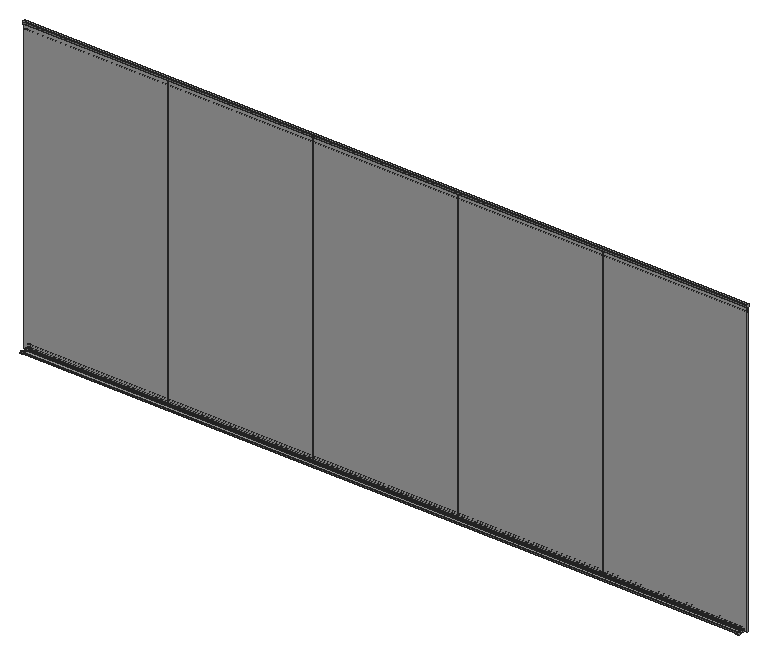
Revit family "Fluent Glass Wall 8x20", category Generic Models, Revit 2018
Family settings
  Can host rebar = No
  Round Connector Dimension = Use Diameter
  Part Type = Normal
  Work Plane-Based = No
  Always vertical = Yes
  Cut with Voids When Loaded = No
  Shared = No
  Room Calculation Point = No
Parameters
  Panel #5 = Fluent Glass Wall 8x20 Panel #5
  Panel #4 = Fluent Glass Wall 8x20 Panel #4
  Panel #3 = Fluent Glass Wall 8x20 Panel #3
  Panel #2 = Fluent Glass Wall 8x20 Panel #2
  Panel #1 = Fluent Glass Wall 8x20 Panel #1
Reference planes (in)
  plane 1 "Center (Front/Back)": y = 0
  plane 2: z = 0
  plane 3 "Center (Left/Right)": x = 0
Forms (in)
  Extrusion 1, solid, material "Fluent Glass Wall Trim Metal"
    sketch origin (-70.86614, 0, -11.96875) x (0, 1, 0) y (0, 0, 1)
      loop
        line (-0.28802, 12.71551) -> (-0.28802, 12.22363) -> (-0.48802, 12.22363) -> (-0.48802, 12.77363) -> (-0.60087, 12.77363)
        arc (-0.60087, 12.77363) -> (-0.62209, 12.76485) -> (-0.63087, 12.74363) r 0.03
        line (-0.63087, 12.74363) -> (-0.63087, 12.45418)
        arc (-0.63087, 12.45418) -> (-0.67788, 12.32564) -> (-0.79672, 12.25776) r 0.19924
        arc (-0.79672, 12.25776) -> (-0.86084, 12.24904) -> (-0.92548, 12.24613) r 0.7187
        line (-0.92548, 12.24613) -> (-1.97548, 12.24613)
        arc (-1.97548, 12.24613) -> (-2.26159, 12.30205) -> (-2.50559, 12.4616) r 0.75985
        arc (-2.50559, 12.4616) -> (-2.80704, 12.55283) -> (-2.79142, 12.23827) r 0.19261
        arc (-2.79142, 12.23827) -> (-2.48945, 12.06146) -> (-2.14496, 12) r 0.99607
        line (-2.14496, 12) -> (0, 12) -> (0, 12.30193)
        arc (0, 12.30193) -> (-0.0275, 12.32943) -> (-0.055, 12.30193) r 0.0275
        line (-0.055, 12.30193) -> (-0.055, 12.20843) -> (-0.20802, 12.20843) -> (-0.20802, 12.69439) -> (-0.0848, 12.81762)
        arc (-0.0848, 12.81762) -> (-0.06815, 12.82253) -> (-0.055, 12.81121) r 0.01814
        line (-0.055, 12.81121) -> (-0.055, 12.65693)
        arc (-0.055, 12.65693) -> (-0.0275, 12.62943) -> (0, 12.65693) r 0.0275
        line (0, 12.65693) -> (0, 13.70847)
        arc (0, 13.70847) -> (-0.03996, 13.74843) -> (-0.07993, 13.70847) r 0.03996
        line (-0.07993, 13.70847) -> (-0.07993, 13.62094)
        arc (-0.07993, 13.62094) -> (-0.07047, 13.60109) -> (-0.05, 13.59302) r 0.03
        line (-0.05, 13.59302) -> (-0.05, 13.15338)
        arc (-0.05, 13.15338) -> (-0.07121, 13.14459) -> (-0.08, 13.12338) r 0.03
        line (-0.08, 13.12338) -> (-0.08, 12.92353) -> (-0.28802, 12.71551)
    from -46.26181 to 187.99409
  Extrusion 2, solid, material "Fluent Glass Wall Trim Metal"
    sketch origin (-70.86614, 0, 12.64022) x (0, 1, 0) y (0, 0, 1)
      loop
        line (0, 83.35978) -> (-0.645, 83.35978)
        arc (-0.645, 83.35978) -> (-0.73852, 83.31739) -> (-0.76829, 83.21911) r 0.12436
        arc (-0.76829, 83.21911) -> (-0.57148, 82.66433) -> (-0.166, 82.23759) r 1.41542
        line (-0.166, 82.23759) -> (-0.166, 82.19574)
        arc (-0.166, 82.19574) -> (-0.16235, 82.17737) -> (-0.15194, 82.1618) r 0.048
        line (-0.15194, 82.1618) -> (-0.1, 82.10985) -> (-0.1, 81.00078)
        arc (-0.1, 81.00078) -> (-0.05, 80.95078) -> (0, 81.00078) r 0.05
        line (0, 81.00078) -> (0, 83.35978)
    from -47.24409 to 188.97638
  Extrusion 3, solid, material "Fluent Glass Wall 8x20 Panel #2" <- "Panel #2"
    sketch origin (-70.86614, 0, 0) x (0, 1, 0) y (0, 0, 1)
      loop
        line (-0.48802, 0.25488) -> (-0.28802, 0.25488) -> (-0.28802, 95.73) -> (-0.48802, 95.73) -> (-0.48802, 0.25488)
    from 0 to 47.24409
  Extrusion 4, solid, material "Fluent Glass Wall 8x20 Panel #1" <- "Panel #1"
    sketch origin (-70.86614, 0, 0) x (0, 1, 0) y (0, 0, -1)
      loop
        line (-0.48802, -0.25488) -> (-0.48802, -95.73) -> (-0.28802, -95.73) -> (-0.28802, -0.25488) -> (-0.48802, -0.25488)
    from 0 to 47.24409
  Extrusion 5, solid, material "Fluent Glass Wall Trim Black"
    sketch origin (-70.86614, 0, -11.96875) x (0, 1, 0) y (0, 0, -1)
      loop
        line (-0.48802, -12.80488) -> (-0.48802, -11.96875) -> (-2.14496, -11.96875)
        arc (-2.14496, -11.96875) -> (-2.49924, -12.03177) -> (-2.81005, -12.2131) r 1.02732
        arc (-2.81005, -12.2131) -> (-2.82851, -12.57569) -> (-2.47857, -12.47895) r 0.22386
        arc (-2.47857, -12.47895) -> (-2.24646, -12.32965) -> (-1.97548, -12.27738) r 0.7286
        line (-1.97548, -12.27738) -> (-0.92548, -12.27738)
        arc (-0.92548, -12.27738) -> (-0.86355, -12.28017) -> (-0.80213, -12.28853) r 0.68745
        arc (-0.80213, -12.28853) -> (-0.70181, -12.34573) -> (-0.66212, -12.45418) r 0.16799
        line (-0.66212, -12.45418) -> (-0.66212, -12.74363)
        arc (-0.66212, -12.74363) -> (-0.64418, -12.78694) -> (-0.60087, -12.80488) r 0.06125
        line (-0.60087, -12.80488) -> (-0.48802, -12.80488)
    from 45.75863 to 46.29027
  Extrusion 6, solid, material "Fluent Glass Wall 8x20 Panel #3" <- "Panel #3"
    sketch origin (-23.62205, 0, 0) x (0, 1, 0) y (0, 0, 1)
      loop
        line (-0.48802, 0.25488) -> (-0.28802, 0.25488) -> (-0.28802, 95.73) -> (-0.48802, 95.73) -> (-0.48802, 0.25488)
    from 0 to 47.24409
  Extrusion 7, solid, material "Fluent Glass Wall 8x20 Panel #4" <- "Panel #4"
    sketch origin (23.62205, 0, 0) x (0, 1, 0) y (0, 0, 1)
      loop
        line (-0.48802, 0.25488) -> (-0.28802, 0.25488) -> (-0.28802, 95.73) -> (-0.48802, 95.73) -> (-0.48802, 0.25488)
    from 0 to 47.24409
  Extrusion 8, solid, material "Fluent Glass Wall 8x20 Panel #5" <- "Panel #5"
    sketch origin (70.86614, 0, 0) x (0, 1, 0) y (0, 0, 1)
      loop
        line (-0.48802, 0.25488) -> (-0.28802, 0.25488) -> (-0.28802, 95.73) -> (-0.48802, 95.73) -> (-0.48802, 0.25488)
    from 0 to 47.24409
  Extrusion 9, solid, material "Fluent Glass Wall Trim Black"
    sketch origin (70.86614, 0, -11.96875) x (0, 1, 0) y (0, 0, 1)
      loop
        line (-0.48802, 12.80488) -> (-0.60087, 12.80488)
        arc (-0.60087, 12.80488) -> (-0.64418, 12.78694) -> (-0.66212, 12.74363) r 0.06125
        line (-0.66212, 12.74363) -> (-0.66212, 12.45418)
        arc (-0.66212, 12.45418) -> (-0.70181, 12.34573) -> (-0.80213, 12.28853) r 0.16799
        arc (-0.80213, 12.28853) -> (-0.86355, 12.28017) -> (-0.92548, 12.27738) r 0.68745
        line (-0.92548, 12.27738) -> (-1.97548, 12.27738)
        arc (-1.97548, 12.27738) -> (-2.24646, 12.32965) -> (-2.47857, 12.47895) r 0.7286
        arc (-2.47857, 12.47895) -> (-2.82851, 12.57569) -> (-2.81005, 12.2131) r 0.22386
        arc (-2.81005, 12.2131) -> (-2.49924, 12.03177) -> (-2.14496, 11.96875) r 1.02732
        line (-2.14496, 11.96875) -> (-0.48802, 11.96875) -> (-0.48802, 12.80488)
    from 45.75863 to 46.29027
Dimensions and locks (in)
  aligned and locked: level to plane 2
